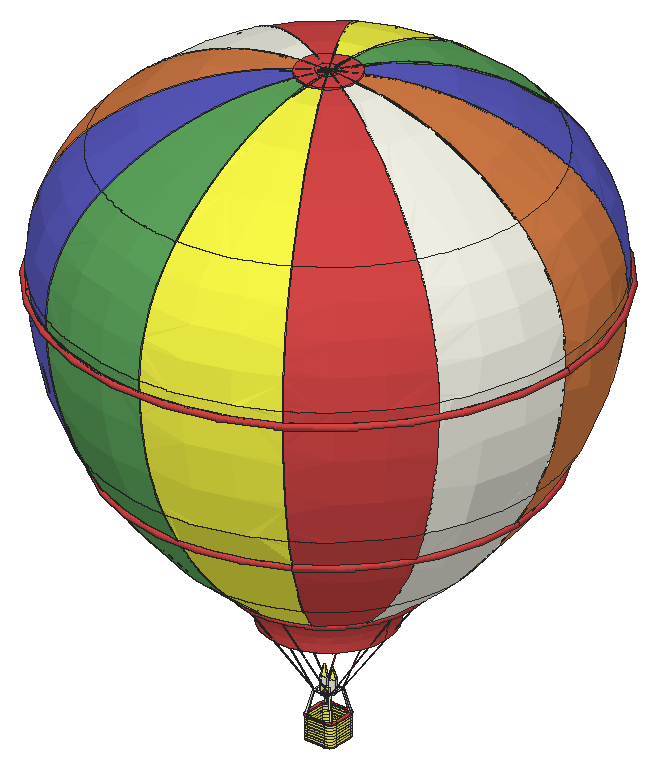
Revit family "Hot air balloon", category Generic Models, Revit 2018
Family settings
  Can host rebar = No
  Round Connector Dimension = Use Diameter
  Part Type = Normal
  Work Plane-Based = No
  Always vertical = Yes
  Cut with Voids When Loaded = No
  Shared = No
  Room Calculation Point = No
Reference planes
  plane 1 "Center (Front/Back)": y = 0
  plane 2: z = 0
  plane 3 "Center (Left/Right)": x = 0
Forms (mm)
  Revolve 1, solid, material "HAB red"
    sketch origin (0, 0, 0) x (1, 0, 0) y (0, 0, 1)
      loop
        line (4434.882, 8016.725) -> (4380.108, 8100.39)
        arc (4380.108, 8100.39) -> (3525.906, 7196.914) -> (3170.574, 6005.415) r 2683.691
        line (3170.574, 6005.415) -> (3270.737, 6005.415)
        arc (3270.737, 6005.415) -> (3613.912, 7149.343) -> (4434.882, 8016.725) r 2583.691
      axis (0, 6005.415) -> (0, 8100.39)
    angle from 0 to 360
  Revolve 2, solid, material "HAB red"
    sketch origin (0, 0, 0) x (1, 0, 0) y (0, 0, 1)
      loop
        line (0, 33911.864) -> (0, 33859.031) -> (1579.403, 33817.663) -> (1579.403, 33877.663)
        arc (1579.403, 33877.663) -> (1090, 33903.311) -> (600, 33911.864) r 14040.317
        line (600, 33911.864) -> (0, 33911.864)
      loop
        line (13405.772, 23458.523) -> (13405.772, 23138.523) -> (13545.772, 23138.523)
        arc (13545.772, 23138.523) -> (13705.772, 23298.523) -> (13545.772, 23458.523) r 160
        line (13545.772, 23458.523) -> (13405.772, 23458.523)
      loop
        line (10559.519, 14698.655) -> (10559.519, 14378.655) -> (10699.519, 14378.655)
        arc (10699.519, 14378.655) -> (10859.519, 14538.655) -> (10699.519, 14698.655) r 160
        line (10699.519, 14698.655) -> (10559.519, 14698.655)
      loop
        line (4525.061, 8354.48) -> (4525.061, 8034.48) -> (4665.061, 8034.48)
        arc (4665.061, 8034.48) -> (4825.061, 8194.48) -> (4665.061, 8354.48) r 160
        line (4665.061, 8354.48) -> (4525.061, 8354.48)
      axis (-2.633, 33911.864) -> (-2.633, 8034.48)
    angle from 0 to 360
  Extrusion 3, solid, material "HAB Yellow"
    sketch origin (0, 0, 0) x (1, 0, 0) y (0, 1, 0)
      loop
        line (-850.126, 492.924) -> (-850.126, -497.736)
        arc (-850.126, -497.736) -> (-746.604, -747.662) -> (-496.679, -851.184) r 353.448
        line (-496.679, -851.184) -> (493.981, -851.184)
        arc (493.981, -851.184) -> (743.907, -747.662) -> (847.429, -497.736) r 353.448
        line (847.429, -497.736) -> (847.429, 492.924)
        arc (847.429, 492.924) -> (743.907, 742.849) -> (493.981, 846.371) r 353.448
        line (493.981, 846.371) -> (-496.679, 846.371)
        arc (-496.679, 846.371) -> (-746.604, 742.849) -> (-850.126, 492.924) r 353.448
      loop
        line (-779.437, 492.924) -> (-779.437, -497.736)
        arc (-779.437, -497.736) -> (-696.619, -697.677) -> (-496.679, -780.495) r 282.758
        line (-496.679, -780.495) -> (493.981, -780.495)
        arc (493.981, -780.495) -> (693.922, -697.677) -> (776.74, -497.736) r 282.758
        line (776.74, -497.736) -> (776.74, 492.924)
        arc (776.74, 492.924) -> (693.922, 692.864) -> (493.981, 775.682) r 282.758
        line (493.981, 775.682) -> (-496.679, 775.682)
        arc (-496.679, 775.682) -> (-696.619, 692.864) -> (-779.437, 492.924) r 282.758
    from 0 to 100
  Extrusion 4, solid, material "HAB Yellow"
    sketch origin (0, 0, 120) x (1, 0, 0) y (0, 1, 0)
      loop
        line (-850.126, 492.924) -> (-850.126, -497.736)
        arc (-850.126, -497.736) -> (-746.604, -747.662) -> (-496.679, -851.184) r 353.448
        line (-496.679, -851.184) -> (493.981, -851.184)
        arc (493.981, -851.184) -> (743.907, -747.662) -> (847.429, -497.736) r 353.448
        line (847.429, -497.736) -> (847.429, 492.924)
        arc (847.429, 492.924) -> (743.907, 742.849) -> (493.981, 846.371) r 353.448
        line (493.981, 846.371) -> (-496.679, 846.371)
        arc (-496.679, 846.371) -> (-746.604, 742.849) -> (-850.126, 492.924) r 353.448
      loop
        line (-779.437, 492.924) -> (-779.437, -497.736)
        arc (-779.437, -497.736) -> (-696.619, -697.677) -> (-496.679, -780.495) r 282.758
        line (-496.679, -780.495) -> (493.981, -780.495)
        arc (493.981, -780.495) -> (693.922, -697.677) -> (776.74, -497.736) r 282.758
        line (776.74, -497.736) -> (776.74, 492.924)
        arc (776.74, 492.924) -> (693.922, 692.864) -> (493.981, 775.682) r 282.758
        line (493.981, 775.682) -> (-496.679, 775.682)
        arc (-496.679, 775.682) -> (-696.619, 692.864) -> (-779.437, 492.924) r 282.758
    from 0 to 100
  Extrusion 5, solid, material "HAB Yellow"
    sketch origin (0, 0, 260) x (1, 0, 0) y (0, 1, 0)
      loop
        line (-850.126, 492.924) -> (-850.126, -497.736)
        arc (-850.126, -497.736) -> (-746.604, -747.662) -> (-496.679, -851.184) r 353.448
        line (-496.679, -851.184) -> (493.981, -851.184)
        arc (493.981, -851.184) -> (743.907, -747.662) -> (847.429, -497.736) r 353.448
        line (847.429, -497.736) -> (847.429, 492.924)
        arc (847.429, 492.924) -> (743.907, 742.849) -> (493.981, 846.371) r 353.448
        line (493.981, 846.371) -> (-496.679, 846.371)
        arc (-496.679, 846.371) -> (-746.604, 742.849) -> (-850.126, 492.924) r 353.448
      loop
        line (-779.437, 492.924) -> (-779.437, -497.736)
        arc (-779.437, -497.736) -> (-696.619, -697.677) -> (-496.679, -780.495) r 282.758
        line (-496.679, -780.495) -> (493.981, -780.495)
        arc (493.981, -780.495) -> (693.922, -697.677) -> (776.74, -497.736) r 282.758
        line (776.74, -497.736) -> (776.74, 492.924)
        arc (776.74, 492.924) -> (693.922, 692.864) -> (493.981, 775.682) r 282.758
        line (493.981, 775.682) -> (-496.679, 775.682)
        arc (-496.679, 775.682) -> (-696.619, 692.864) -> (-779.437, 492.924) r 282.758
    from 0 to 100
  Extrusion 6, solid, material "HAB Yellow"
    sketch origin (0, 0, 400) x (1, 0, 0) y (0, 1, 0)
      loop
        line (-850.126, 492.924) -> (-850.126, -497.736)
        arc (-850.126, -497.736) -> (-746.604, -747.662) -> (-496.679, -851.184) r 353.448
        line (-496.679, -851.184) -> (493.981, -851.184)
        arc (493.981, -851.184) -> (743.907, -747.662) -> (847.429, -497.736) r 353.448
        line (847.429, -497.736) -> (847.429, 492.924)
        arc (847.429, 492.924) -> (743.907, 742.849) -> (493.981, 846.371) r 353.448
        line (493.981, 846.371) -> (-496.679, 846.371)
        arc (-496.679, 846.371) -> (-746.604, 742.849) -> (-850.126, 492.924) r 353.448
      loop
        line (-779.437, 492.924) -> (-779.437, -497.736)
        arc (-779.437, -497.736) -> (-696.619, -697.677) -> (-496.679, -780.495) r 282.758
        line (-496.679, -780.495) -> (493.981, -780.495)
        arc (493.981, -780.495) -> (693.922, -697.677) -> (776.74, -497.736) r 282.758
        line (776.74, -497.736) -> (776.74, 492.924)
        arc (776.74, 492.924) -> (693.922, 692.864) -> (493.981, 775.682) r 282.758
        line (493.981, 775.682) -> (-496.679, 775.682)
        arc (-496.679, 775.682) -> (-696.619, 692.864) -> (-779.437, 492.924) r 282.758
    from 0 to 100
  Extrusion 7, solid, material "HAB Yellow"
    sketch origin (0, 0, 540) x (1, 0, 0) y (0, 1, 0)
      loop
        line (-850.126, 492.924) -> (-850.126, -497.736)
        arc (-850.126, -497.736) -> (-746.604, -747.662) -> (-496.679, -851.184) r 353.448
        line (-496.679, -851.184) -> (493.981, -851.184)
        arc (493.981, -851.184) -> (743.907, -747.662) -> (847.429, -497.736) r 353.448
        line (847.429, -497.736) -> (847.429, 492.924)
        arc (847.429, 492.924) -> (743.907, 742.849) -> (493.981, 846.371) r 353.448
        line (493.981, 846.371) -> (-496.679, 846.371)
        arc (-496.679, 846.371) -> (-746.604, 742.849) -> (-850.126, 492.924) r 353.448
      loop
        line (-779.437, 492.924) -> (-779.437, -497.736)
        arc (-779.437, -497.736) -> (-696.619, -697.677) -> (-496.679, -780.495) r 282.758
        line (-496.679, -780.495) -> (493.981, -780.495)
        arc (493.981, -780.495) -> (693.922, -697.677) -> (776.74, -497.736) r 282.758
        line (776.74, -497.736) -> (776.74, 492.924)
        arc (776.74, 492.924) -> (693.922, 692.864) -> (493.981, 775.682) r 282.758
        line (493.981, 775.682) -> (-496.679, 775.682)
        arc (-496.679, 775.682) -> (-696.619, 692.864) -> (-779.437, 492.924) r 282.758
    from 0 to 100
  Extrusion 8, solid, material "HAB Yellow"
    sketch origin (0, 0, 680) x (1, 0, 0) y (0, 1, 0)
      loop
        line (-850.126, 492.924) -> (-850.126, -497.736)
        arc (-850.126, -497.736) -> (-746.604, -747.662) -> (-496.679, -851.184) r 353.448
        line (-496.679, -851.184) -> (493.981, -851.184)
        arc (493.981, -851.184) -> (743.907, -747.662) -> (847.429, -497.736) r 353.448
        line (847.429, -497.736) -> (847.429, 492.924)
        arc (847.429, 492.924) -> (743.907, 742.849) -> (493.981, 846.371) r 353.448
        line (493.981, 846.371) -> (-496.679, 846.371)
        arc (-496.679, 846.371) -> (-746.604, 742.849) -> (-850.126, 492.924) r 353.448
      loop
        line (-779.437, 492.924) -> (-779.437, -497.736)
        arc (-779.437, -497.736) -> (-696.619, -697.677) -> (-496.679, -780.495) r 282.758
        line (-496.679, -780.495) -> (493.981, -780.495)
        arc (493.981, -780.495) -> (693.922, -697.677) -> (776.74, -497.736) r 282.758
        line (776.74, -497.736) -> (776.74, 492.924)
        arc (776.74, 492.924) -> (693.922, 692.864) -> (493.981, 775.682) r 282.758
        line (493.981, 775.682) -> (-496.679, 775.682)
        arc (-496.679, 775.682) -> (-696.619, 692.864) -> (-779.437, 492.924) r 282.758
    from 0 to 100
  Extrusion 9, solid, material "HAB Yellow"
    sketch origin (0, 0, 820) x (1, 0, 0) y (0, 1, 0)
      loop
        line (-850.126, 492.924) -> (-850.126, -497.736)
        arc (-850.126, -497.736) -> (-746.604, -747.662) -> (-496.679, -851.184) r 353.448
        line (-496.679, -851.184) -> (493.981, -851.184)
        arc (493.981, -851.184) -> (743.907, -747.662) -> (847.429, -497.736) r 353.448
        line (847.429, -497.736) -> (847.429, 492.924)
        arc (847.429, 492.924) -> (743.907, 742.849) -> (493.981, 846.371) r 353.448
        line (493.981, 846.371) -> (-496.679, 846.371)
        arc (-496.679, 846.371) -> (-746.604, 742.849) -> (-850.126, 492.924) r 353.448
      loop
        line (-779.437, 492.924) -> (-779.437, -497.736)
        arc (-779.437, -497.736) -> (-696.619, -697.677) -> (-496.679, -780.495) r 282.758
        line (-496.679, -780.495) -> (493.981, -780.495)
        arc (493.981, -780.495) -> (693.922, -697.677) -> (776.74, -497.736) r 282.758
        line (776.74, -497.736) -> (776.74, 492.924)
        arc (776.74, 492.924) -> (693.922, 692.864) -> (493.981, 775.682) r 282.758
        line (493.981, 775.682) -> (-496.679, 775.682)
        arc (-496.679, 775.682) -> (-696.619, 692.864) -> (-779.437, 492.924) r 282.758
    from 0 to 100
  Extrusion 10, solid, material "HAB Yellow"
    sketch origin (0, 0, 960) x (1, 0, 0) y (0, 1, 0)
      loop
        line (-850.126, 492.924) -> (-850.126, -497.736)
        arc (-850.126, -497.736) -> (-746.604, -747.662) -> (-496.679, -851.184) r 353.448
        line (-496.679, -851.184) -> (493.981, -851.184)
        arc (493.981, -851.184) -> (743.907, -747.662) -> (847.429, -497.736) r 353.448
        line (847.429, -497.736) -> (847.429, 492.924)
        arc (847.429, 492.924) -> (743.907, 742.849) -> (493.981, 846.371) r 353.448
        line (493.981, 846.371) -> (-496.679, 846.371)
        arc (-496.679, 846.371) -> (-746.604, 742.849) -> (-850.126, 492.924) r 353.448
      loop
        line (-779.437, 492.924) -> (-779.437, -497.736)
        arc (-779.437, -497.736) -> (-696.619, -697.677) -> (-496.679, -780.495) r 282.758
        line (-496.679, -780.495) -> (493.981, -780.495)
        arc (493.981, -780.495) -> (693.922, -697.677) -> (776.74, -497.736) r 282.758
        line (776.74, -497.736) -> (776.74, 492.924)
        arc (776.74, 492.924) -> (693.922, 692.864) -> (493.981, 775.682) r 282.758
        line (493.981, 775.682) -> (-496.679, 775.682)
        arc (-496.679, 775.682) -> (-696.619, 692.864) -> (-779.437, 492.924) r 282.758
    from 0 to 100
  Sweep 11, solid, material "HAB red"
    path origin (0, 0, 0) x (1, 0, 0) y (0, 1, 0)
      loop
        arc (-779.437, -497.736) -> (-696.619, -697.677) -> (-496.679, -780.495) r 282.758
        line (-496.679, -780.495) -> (493.981, -780.495)
        arc (493.981, -780.495) -> (693.922, -697.677) -> (776.74, -497.736) r 282.758
        line (776.74, -497.736) -> (776.74, 492.924)
        arc (776.74, 492.924) -> (693.922, 692.864) -> (493.981, 775.682) r 282.758
        line (493.981, 775.682) -> (-496.679, 775.682)
        arc (-496.679, 775.682) -> (-696.619, 692.864) -> (-779.437, 492.924) r 282.758
        line (-779.437, 492.924) -> (-779.437, -497.736)
    profile origin (-779.437, -2.406, 0) x (-1, 0, 0) y (0, 0, 1)
      loop
        line (0, -25) -> (-114.486, -25) -> (-114.486, -71.236) -> (-56.236, -106.236) -> (-56.236, -71.236) -> (-16.236, -71.236) -> (-16.236, -111.236)
        arc (-16.236, -111.236) -> (44.742, -85.978) -> (70, -25) r 86.236
        line (70, -25) -> (0, -25)
  Sweep 12, solid, material "HAB red"
    path origin (0, 0, 0) x (1, 0, 0) y (0, 1, 0)
      loop
        arc (-779.437, -497.736) -> (-696.619, -697.677) -> (-496.679, -780.495) r 282.758
        line (-496.679, -780.495) -> (493.981, -780.495)
        arc (493.981, -780.495) -> (693.922, -697.677) -> (776.74, -497.736) r 282.758
        line (776.74, -497.736) -> (776.74, 492.924)
        arc (776.74, 492.924) -> (693.922, 692.864) -> (493.981, 775.682) r 282.758
        line (493.981, 775.682) -> (-496.679, 775.682)
        arc (-496.679, 775.682) -> (-696.619, 692.864) -> (-779.437, 492.924) r 282.758
        line (-779.437, 492.924) -> (-779.437, -497.736)
    profile origin (-779.437, -2.406, 0) x (-1, 0, 0) y (0, 0, 1)
      loop
        circle (35.345, 1125.831) r 60
  Extrusion 13, solid, material "HAB red"
    sketch origin (0, 0, 0) x (1, 0, 0) y (0, 1, 0)
      loop
        arc (-779.437, -497.736) -> (-696.619, -697.677) -> (-496.679, -780.495) r 282.758
        line (-496.679, -780.495) -> (493.981, -780.495)
        arc (493.981, -780.495) -> (693.922, -697.677) -> (776.74, -497.736) r 282.758
        line (776.74, -497.736) -> (776.74, 492.924)
        arc (776.74, 492.924) -> (693.922, 692.864) -> (493.981, 775.682) r 282.758
        line (493.981, 775.682) -> (-496.679, 775.682)
        arc (-496.679, 775.682) -> (-696.619, 692.864) -> (-779.437, 492.924) r 282.758
        line (-779.437, 492.924) -> (-779.437, -497.736)
    from 0 to 100
  Sweep 14, solid, material "HAB Aluminum"
    path origin (0, 0, 0) x (1, 0, 0) y (0, 1, 0)
      loop
        arc (-411.334, 457.579) -> (-446.689, 442.934) -> (-461.334, 407.579) r 50
        line (-461.334, 407.579) -> (-461.334, -417.65)
        arc (-461.334, -417.65) -> (-448.229, -449.287) -> (-416.592, -462.392) r 44.742
        line (-416.592, -462.392) -> (409.458, -462.392)
        arc (409.458, -462.392) -> (444.232, -447.987) -> (458.637, -413.213) r 49.179
        line (458.637, -413.213) -> (458.637, 407.612)
        arc (458.637, 407.612) -> (444.002, 442.944) -> (408.67, 457.579) r 49.967
        line (408.67, 457.579) -> (-411.334, 457.579)
    profile origin (-1.332, 457.579, 0) x (0, 1, 0) y (0, 0, 1)
      loop
        circle (0, 2362.898) r 35
  Blend 15, solid, material "HAB Aluminum"
    base sketch origin (0, 0, 0) x (1, 0, 0) y (0, 1, 0)
      loop
        circle (-705.734, 701.979) r 50
    top sketch origin (0, 0, 0) x (1, 0, 0) y (0, 1, 0)
      loop
        circle (-461.334, 457.579) r 45
    from 1125.831 to 2362.898
  Blend 16, solid, material "HAB Aluminum"
    base sketch origin (-7.927, -4.855, 0) x (-1, 0, 0) y (0, -1, 0)
      loop
        circle (-705.734, -701.979) r 50
    top sketch origin (-7.927, -4.855, 0) x (-1, 0, 0) y (0, -1, 0)
      loop
        circle (-461.334, -457.579) r 45
    from 1125.831 to 2362.898
  Blend 17, solid, material "HAB Aluminum"
    base sketch origin (0, 0, 0) x (1, 0, 0) y (0, 1, 0)
      loop
        circle (-705.734, -701.979) r 50
    top sketch origin (0, 0, 0) x (1, 0, 0) y (0, 1, 0)
      loop
        circle (-461.334, -457.579) r 45
    from 1125.831 to 2362.898
  Blend 18, solid, material "HAB Aluminum"
    base sketch origin (-7.927, 4.855, 0) x (-1, 0, 0) y (0, -1, 0)
      loop
        circle (-705.734, 701.979) r 50
    top sketch origin (-7.927, 4.855, 0) x (-1, 0, 0) y (0, -1, 0)
      loop
        circle (-461.334, 457.579) r 45
    from 1125.831 to 2362.898
  Extrusion 19, solid, material "HAB Aluminum"
    sketch origin (0, 0, 0) x (1, 0, 0) y (0, 1, 0)
      loop
        circle (-235.594, -6.935) r 170.666
      loop
        circle (-235.594, -6.935) r 140
    from 2245.962 to 3006.645
  Extrusion 20, solid, material "HAB Aluminum"
    sketch origin (480, 0, 0) x (1, 0, 0) y (0, 1, 0)
      loop
        circle (-235.594, -6.935) r 170.666
      loop
        circle (-235.594, -6.935) r 140
    from 2245.962 to 3006.645
  Revolve 21, solid, material "HAB Yellow"
    sketch origin (0, 0, 0) x (1, 0, 0) y (0, 0, 1)
      loop
        line (-406.26, 3006.645) -> (-380.533, 3006.645) -> (-235.594, 3547.564) -> (-261.322, 3547.564) -> (-406.26, 3006.645)
      axis (-235.594, 3547.564) -> (-235.594, 3006.645)
    angle from 0 to 360
  Revolve 22, solid, material "HAB Yellow"
    sketch origin (480, 0, 0) x (1, 0, 0) y (0, 0, 1)
      loop
        line (-406.26, 3006.645) -> (-380.533, 3006.645) -> (-235.594, 3547.564) -> (-261.322, 3547.564) -> (-406.26, 3006.645)
      axis (-235.594, 3547.564) -> (-235.594, 3006.645)
    angle from 0 to 360
  Extrusion 23, solid, material "HAB Aluminum"
    sketch origin (0, 0, 0) x (1, 0, 0) y (0, 0, 1)
      loop
        circle (0, 2360.857) r 35
    from -457.579 to 462.392
  Blend 24, solid, material "HAB red"
    base sketch origin (0, 0, 0) x (1, 0, 0) y (0, 1, 0)
      loop
        circle (-461.334, 457.579) r 5
    top sketch origin (0, 0, 0) x (1, 0, 0) y (0, 1, 0)
      loop
        circle (-4539.615, 947.578) r 20
    from 2386.024 to 8088.677
  Blend 25, solid, material "HAB red"
    base sketch origin (-17.097, 0, 0) x (-1, 0, 0) y (0, -1, 0)
      loop
        circle (-461.334, -457.579) r 5
    top sketch origin (-17.097, 0, 0) x (-1, 0, 0) y (0, -1, 0)
      loop
        circle (-4539.615, -947.578) r 20
    from 2386.024 to 8088.677
  Blend 26, solid, material "HAB red"
    base sketch origin (0, 0, 0) x (1, 0, 0) y (0, 1, 0)
      loop
        circle (-461.334, -457.579) r 5
    top sketch origin (0, 0, 0) x (1, 0, 0) y (0, 1, 0)
      loop
        circle (-4539.615, -947.578) r 20
    from 2386.024 to 8088.677
  Blend 27, solid, material "HAB red"
    base sketch origin (-17.097, 0, 0) x (-1, 0, 0) y (0, -1, 0)
      loop
        circle (-461.334, 457.579) r 5
    top sketch origin (-17.097, 0, 0) x (-1, 0, 0) y (0, -1, 0)
      loop
        circle (-4539.615, 947.578) r 20
    from 2386.024 to 8088.677
  Blend 28, solid, material "HAB red"
    base sketch origin (-8.512, 8.548, 0) x (0.004286, 0.999991, 0) y (-0.999991, 0.004286, 0)
      loop
        circle (-461.334, 457.579) r 5
    top sketch origin (-8.512, 8.548, 0) x (0.004286, 0.999991, 0) y (-0.999991, 0.004286, 0)
      loop
        circle (-4539.615, 947.578) r 20
    from 2386.024 to 8088.677
  Blend 29, solid, material "HAB red"
    base sketch origin (-8.585, -8.548, 0) x (-0.004286, -0.999991, 0) y (0.999991, -0.004286, 0)
      loop
        circle (-461.334, -457.579) r 5
    top sketch origin (-8.585, -8.548, 0) x (-0.004286, -0.999991, 0) y (0.999991, -0.004286, 0)
      loop
        circle (-4539.615, -947.578) r 20
    from 2386.024 to 8088.677
  Blend 30, solid, material "HAB red"
    base sketch origin (-8.512, 8.548, 0) x (0.004286, 0.999991, 0) y (-0.999991, 0.004286, 0)
      loop
        circle (-461.334, -457.579) r 5
    top sketch origin (-8.512, 8.548, 0) x (0.004286, 0.999991, 0) y (-0.999991, 0.004286, 0)
      loop
        circle (-4539.615, -947.578) r 20
    from 2386.024 to 8088.677
  Blend 31, solid, material "HAB red"
    base sketch origin (-8.585, -8.548, 0) x (-0.004286, -0.999991, 0) y (0.999991, -0.004286, 0)
      loop
        circle (-461.334, 457.579) r 5
    top sketch origin (-8.585, -8.548, 0) x (-0.004286, -0.999991, 0) y (0.999991, -0.004286, 0)
      loop
        circle (-4539.615, 947.578) r 20
    from 2386.024 to 8088.677
  Extrusion 32, solid, material "HAB red"
    sketch origin (0, 0, 0) x (1, 0, 0) y (0, 1, 0)
      loop
        circle (-135.983, 39.513) r 10
    from 1994.916 to 2116.538
  Extrusion 33, solid, material "HAB Yellow"
    sketch origin (0, 0, 0) x (1, 0, 0) y (0, 1, 0)
      loop
        line (-235.594, 248.816) -> (-235.594, 183.816)
        arc (-235.594, 183.816) -> (-50.594, -1.184) -> (-235.594, -186.184) r 185
        line (-235.594, -186.184) -> (-235.594, -252.684) -> (244.406, -252.684) -> (244.406, -186.184)
        arc (244.406, -186.184) -> (59.406, -1.184) -> (244.406, 183.816) r 185
        line (244.406, 183.816) -> (244.406, 248.816) -> (-235.594, 248.816)
    from 2116.538 to 2597.36
  Blend 34, solid, material "HAB red"
    base sketch origin (0, 0, 0) x (1, 0, 0) y (0, 1, 0)
      loop
        circle (-196.095, 39.737) r 9.775
    top sketch origin (0, 0, 0) x (1, 0, 0) y (0, 1, 0)
      loop
        circle (-136.095, 39.737) r 9.775
    from 1900.504 to 1994.916
  Blend 35, solid, material "HAB red"
    base sketch origin (-272.303, 79.25, 0) x (-1, 0, 0) y (0, -1, 0)
      loop
        circle (-196.095, 39.737) r 9.775
    top sketch origin (-272.303, 79.25, 0) x (-1, 0, 0) y (0, -1, 0)
      loop
        circle (-136.095, 39.737) r 9.775
    from 1900.504 to 1994.916
  Extrusion 36, solid, material "HAB Yellow"
    sketch origin (0, 0, 0) x (0, 1, 0) y (0, 0, 1)
      loop
        circle (39.586, 1889.196) r 15
    from -216.461 to -59.433
  Extrusion 37, solid, material "HAB Blue"
    sketch origin (0, 0, 0) x (1, 0, 0) y (0, 0, 1)
      loop
        circle (-0.264, 2361.211) r 40
      loop
        circle (-0.264, 2361.211) r 55
    from 252.684 to 295.583
  Extrusion 38, solid, material "HAB Blue"
    sketch origin (0, 545, 0) x (1, 0, 0) y (0, 0, 1)
      loop
        circle (-0.264, 2361.211) r 40
      loop
        circle (-0.264, 2361.211) r 55
    from 252.684 to 295.583
Nested families
  nested 1: "H1" at (0, -7.508, -1.045), type "H1"
  nested 2: "H1" at (-2.779, 0, 0) x (-1, 0, 0) z (0, 0, 1), type "H1"
  nested 3: "HYellow" at (1.038, 5.005, 0), type "HYellow"
  nested 4: "HAB Green" at (1.415, 4.152, 0), type "HAB Green"
  nested 5: "HAB Blue" at (-4.977, -6.935, 0), type "HAB Blue"
  nested 6: "HAB Orange" at (-18.589, -14.804, 0), type "HAB Orange"
  nested 7: "HAB White" at (-8.548, 15.98, 0), type "HAB White"
Definition of nested family "H1"
  Reference planes
    plane 1 "Center (Front/Back)": y = 0
    plane 2: z = 0
    plane 3 "Center (Left/Right)": x = 0
    plane 4: through (-8251.322, 14298.256, 1200) normal (0.8661, 0.4999, 0)
    plane 5: through (-13919.791, 8044.665, 1200) normal (0.5001, 0.866, 0)
    plane 6: through (-16073.844, 9.384, 1200) normal (0.0001, 1, 0)
    plane 7: through (-0.852, 16507.931, 1200) normal (1, -0.0001, 0)
  Forms (mm)
    Revolve 1, solid
      sketch origin (-42474.205, 0, 183.633) x (1, 0, 0) y (0, 0, 1)
        loop
          line (42433.696, 33692.022) -> (42433.696, 33591.944)
          arc (42433.696, 33591.944) -> (48186.012, 32695.28) -> (53168.907, 29684.646) r 15066.04
          arc (53168.907, 29684.646) -> (55090.223, 27026.537) -> (55779.972, 23820.098) r 7979.27
          arc (55779.972, 23820.098) -> (55347.6, 19940.909) -> (54035.689, 16264.777) r 16877.666
          arc (54035.689, 16264.777) -> (52124.157, 13101.003) -> (49705.925, 10305.368) r 21815.554
          arc (49705.925, 10305.368) -> (48292.398, 9041.981) -> (46774.521, 7906.088) r 21815.554
          line (46774.521, 7906.088) -> (46846.473, 7834.137)
          arc (46846.473, 7834.137) -> (48363.032, 8970.571) -> (49775.742, 10233.775) r 21915.554
          arc (49775.742, 10233.775) -> (52205.058, 13042.225) -> (54125.353, 16220.501) r 21915.554
          arc (54125.353, 16220.501) -> (55445.037, 19918.414) -> (55879.971, 23820.587) r 16977.666
          arc (55879.971, 23820.587) -> (55181.578, 27067.211) -> (53236.183, 29758.633) r 8079.27
          arc (53236.183, 29758.633) -> (48222.085, 32788.568) -> (42433.696, 33692.022) r 15166.04
        axis (42433.696, 33692.022) -> (42433.696, 7834.137)
      angle from 0 to 360
    Extrusion 2, void
      sketch origin (-73600, 240, 0) x (1, 0, 0) y (0, 1, 0)
        loop
          line (73598.994, -17683.369) -> (93398.994, -17683.369) -> (93398.994, 14716.631) -> (64968.668, 14716.631) -> (73598.994, -235.561) -> (59743.521, 7766.056) -> (58418.148, -11187.661) -> (73598.994, -17683.369)
      from 0 to 36000
  Cuts and joins
    Extrusion 2 cuts Revolve 1
Definition of nested family "HYellow"
  Reference planes
    plane 1 "Center (Front/Back)": y = 0
    plane 2: z = 0
    plane 3 "Center (Left/Right)": x = 0
  Nested families
    nested 1: "H1" at (-2.386, -10.956, -1.045) x (0.866, -0.5, 0) z (0, 0, 1), type "H1"
    nested 2: "H1" at (-1.038, -3.064, 0) x (-0.866, 0.5, 0) z (0, 0, 1), type "H1"
  Definition of nested family "H1"
    Reference planes
      plane 1 "Center (Front/Back)": y = 0
      plane 2: z = 0
      plane 3 "Center (Left/Right)": x = 0
      plane 4: through (-8251.322, 14298.256, 1200) normal (0.8661, 0.4999, 0)
      plane 5: through (-13919.791, 8044.665, 1200) normal (0.5001, 0.866, 0)
      plane 6: through (-16073.844, 9.384, 1200) normal (0.0001, 1, 0)
      plane 7: through (-0.852, 16507.931, 1200) normal (1, -0.0001, 0)
    Forms (mm)
      Revolve 1, solid
        sketch origin (-42474.205, 0, 183.633) x (1, 0, 0) y (0, 0, 1)
          loop
            line (42433.696, 33692.022) -> (42433.696, 33591.944)
            arc (42433.696, 33591.944) -> (48186.012, 32695.28) -> (53168.907, 29684.646) r 15066.04
            arc (53168.907, 29684.646) -> (55090.223, 27026.537) -> (55779.972, 23820.098) r 7979.27
            arc (55779.972, 23820.098) -> (55347.6, 19940.909) -> (54035.689, 16264.777) r 16877.666
            arc (54035.689, 16264.777) -> (52124.157, 13101.003) -> (49705.925, 10305.368) r 21815.554
            arc (49705.925, 10305.368) -> (48292.398, 9041.981) -> (46774.521, 7906.088) r 21815.554
            line (46774.521, 7906.088) -> (46846.473, 7834.137)
            arc (46846.473, 7834.137) -> (48363.032, 8970.571) -> (49775.742, 10233.775) r 21915.554
            arc (49775.742, 10233.775) -> (52205.058, 13042.225) -> (54125.353, 16220.501) r 21915.554
            arc (54125.353, 16220.501) -> (55445.037, 19918.414) -> (55879.971, 23820.587) r 16977.666
            arc (55879.971, 23820.587) -> (55181.578, 27067.211) -> (53236.183, 29758.633) r 8079.27
            arc (53236.183, 29758.633) -> (48222.085, 32788.568) -> (42433.696, 33692.022) r 15166.04
          axis (42433.696, 33692.022) -> (42433.696, 7834.137)
        angle from 0 to 360
      Extrusion 2, void
        sketch origin (-73600, 240, 0) x (1, 0, 0) y (0, 1, 0)
          loop
            line (73598.994, -17683.369) -> (93398.994, -17683.369) -> (93398.994, 14716.631) -> (64968.668, 14716.631) -> (73598.994, -235.561) -> (59743.521, 7766.056) -> (58418.148, -11187.661) -> (73598.994, -17683.369)
        from 0 to 36000
    Cuts and joins
      Extrusion 2 cuts Revolve 1
Definition of nested family "HAB Green"
  Reference planes
    plane 1 "Center (Front/Back)": y = 0
    plane 2: z = 0
    plane 3 "Center (Left/Right)": x = 0
  Nested families
    nested 1: "H1" at (-4.266, -10.092, -1.045) x (0.5008, -0.8656, 0) z (0, 0, 1), type "H1"
    nested 2: "H1" at (0.842, -3.927, 0) x (-0.5008, 0.8656, 0) z (0, 0, 1), type "H1"
  Definition of nested family "H1"
    Reference planes
      plane 1 "Center (Front/Back)": y = 0
      plane 2: z = 0
      plane 3 "Center (Left/Right)": x = 0
      plane 4: through (-8251.322, 14298.256, 1200) normal (0.8661, 0.4999, 0)
      plane 5: through (-13919.791, 8044.665, 1200) normal (0.5001, 0.866, 0)
      plane 6: through (-16073.844, 9.384, 1200) normal (0.0001, 1, 0)
      plane 7: through (-0.852, 16507.931, 1200) normal (1, -0.0001, 0)
    Forms (mm)
      Revolve 1, solid
        sketch origin (-42474.205, 0, 183.633) x (1, 0, 0) y (0, 0, 1)
          loop
            line (42433.696, 33692.022) -> (42433.696, 33591.944)
            arc (42433.696, 33591.944) -> (48186.012, 32695.28) -> (53168.907, 29684.646) r 15066.04
            arc (53168.907, 29684.646) -> (55090.223, 27026.537) -> (55779.972, 23820.098) r 7979.27
            arc (55779.972, 23820.098) -> (55347.6, 19940.909) -> (54035.689, 16264.777) r 16877.666
            arc (54035.689, 16264.777) -> (52124.157, 13101.003) -> (49705.925, 10305.368) r 21815.554
            arc (49705.925, 10305.368) -> (48292.398, 9041.981) -> (46774.521, 7906.088) r 21815.554
            line (46774.521, 7906.088) -> (46846.473, 7834.137)
            arc (46846.473, 7834.137) -> (48363.032, 8970.571) -> (49775.742, 10233.775) r 21915.554
            arc (49775.742, 10233.775) -> (52205.058, 13042.225) -> (54125.353, 16220.501) r 21915.554
            arc (54125.353, 16220.501) -> (55445.037, 19918.414) -> (55879.971, 23820.587) r 16977.666
            arc (55879.971, 23820.587) -> (55181.578, 27067.211) -> (53236.183, 29758.633) r 8079.27
            arc (53236.183, 29758.633) -> (48222.085, 32788.568) -> (42433.696, 33692.022) r 15166.04
          axis (42433.696, 33692.022) -> (42433.696, 7834.137)
        angle from 0 to 360
      Extrusion 2, void
        sketch origin (-73600, 240, 0) x (1, 0, 0) y (0, 1, 0)
          loop
            line (73598.994, -17683.369) -> (93398.994, -17683.369) -> (93398.994, 14716.631) -> (64968.668, 14716.631) -> (73598.994, -235.561) -> (59743.521, 7766.056) -> (58418.148, -11187.661) -> (73598.994, -17683.369)
        from 0 to 36000
    Cuts and joins
      Extrusion 2 cuts Revolve 1
Definition of nested family "HAB Blue"
  Reference planes
    plane 1 "Center (Front/Back)": y = 0
    plane 2: z = 0
    plane 3 "Center (Left/Right)": x = 0
  Nested families
    nested 1: "H1" at (-5.034, -3.889, -1.045) x (0.0007, -1, 0) z (0, 0, 1), type "H1"
    nested 2: "H1" at (2.472, -1.104, 0) x (-0.0007, 1, 0) z (0, 0, 1), type "H1"
  Definition of nested family "H1"
    Reference planes
      plane 1 "Center (Front/Back)": y = 0
      plane 2: z = 0
      plane 3 "Center (Left/Right)": x = 0
      plane 4: through (-8251.322, 14298.256, 1200) normal (0.8661, 0.4999, 0)
      plane 5: through (-13919.791, 8044.665, 1200) normal (0.5001, 0.866, 0)
      plane 6: through (-16073.844, 9.384, 1200) normal (0.0001, 1, 0)
      plane 7: through (-0.852, 16507.931, 1200) normal (1, -0.0001, 0)
    Forms (mm)
      Revolve 1, solid
        sketch origin (-42474.205, 0, 183.633) x (1, 0, 0) y (0, 0, 1)
          loop
            line (42433.696, 33692.022) -> (42433.696, 33591.944)
            arc (42433.696, 33591.944) -> (48186.012, 32695.28) -> (53168.907, 29684.646) r 15066.04
            arc (53168.907, 29684.646) -> (55090.223, 27026.537) -> (55779.972, 23820.098) r 7979.27
            arc (55779.972, 23820.098) -> (55347.6, 19940.909) -> (54035.689, 16264.777) r 16877.666
            arc (54035.689, 16264.777) -> (52124.157, 13101.003) -> (49705.925, 10305.368) r 21815.554
            arc (49705.925, 10305.368) -> (48292.398, 9041.981) -> (46774.521, 7906.088) r 21815.554
            line (46774.521, 7906.088) -> (46846.473, 7834.137)
            arc (46846.473, 7834.137) -> (48363.032, 8970.571) -> (49775.742, 10233.775) r 21915.554
            arc (49775.742, 10233.775) -> (52205.058, 13042.225) -> (54125.353, 16220.501) r 21915.554
            arc (54125.353, 16220.501) -> (55445.037, 19918.414) -> (55879.971, 23820.587) r 16977.666
            arc (55879.971, 23820.587) -> (55181.578, 27067.211) -> (53236.183, 29758.633) r 8079.27
            arc (53236.183, 29758.633) -> (48222.085, 32788.568) -> (42433.696, 33692.022) r 15166.04
          axis (42433.696, 33692.022) -> (42433.696, 7834.137)
        angle from 0 to 360
      Extrusion 2, void
        sketch origin (-73600, 240, 0) x (1, 0, 0) y (0, 1, 0)
          loop
            line (73598.994, -17683.369) -> (93398.994, -17683.369) -> (93398.994, 14716.631) -> (64968.668, 14716.631) -> (73598.994, -235.561) -> (59743.521, 7766.056) -> (58418.148, -11187.661) -> (73598.994, -17683.369)
        from 0 to 36000
    Cuts and joins
      Extrusion 2 cuts Revolve 1
Definition of nested family "HAB Orange"
  Reference planes
    plane 1 "Center (Front/Back)": y = 0
    plane 2: z = 0
    plane 3 "Center (Left/Right)": x = 0
  Nested families
    nested 1: "H1" at (-5.228, -1.826, -1.045) x (-0.4993, -0.8664, 0) z (0, 0, 1), type "H1"
    nested 2: "H1" at (2.665, -3.167, 0) x (0.4993, 0.8664, 0) z (0, 0, 1), type "H1"
  Definition of nested family "H1"
    Reference planes
      plane 1 "Center (Front/Back)": y = 0
      plane 2: z = 0
      plane 3 "Center (Left/Right)": x = 0
      plane 4: through (-8251.322, 14298.256, 1200) normal (0.8661, 0.4999, 0)
      plane 5: through (-13919.791, 8044.665, 1200) normal (0.5001, 0.866, 0)
      plane 6: through (-16073.844, 9.384, 1200) normal (0.0001, 1, 0)
      plane 7: through (-0.852, 16507.931, 1200) normal (1, -0.0001, 0)
    Forms (mm)
      Revolve 1, solid
        sketch origin (-42474.205, 0, 183.633) x (1, 0, 0) y (0, 0, 1)
          loop
            line (42433.696, 33692.022) -> (42433.696, 33591.944)
            arc (42433.696, 33591.944) -> (48186.012, 32695.28) -> (53168.907, 29684.646) r 15066.04
            arc (53168.907, 29684.646) -> (55090.223, 27026.537) -> (55779.972, 23820.098) r 7979.27
            arc (55779.972, 23820.098) -> (55347.6, 19940.909) -> (54035.689, 16264.777) r 16877.666
            arc (54035.689, 16264.777) -> (52124.157, 13101.003) -> (49705.925, 10305.368) r 21815.554
            arc (49705.925, 10305.368) -> (48292.398, 9041.981) -> (46774.521, 7906.088) r 21815.554
            line (46774.521, 7906.088) -> (46846.473, 7834.137)
            arc (46846.473, 7834.137) -> (48363.032, 8970.571) -> (49775.742, 10233.775) r 21915.554
            arc (49775.742, 10233.775) -> (52205.058, 13042.225) -> (54125.353, 16220.501) r 21915.554
            arc (54125.353, 16220.501) -> (55445.037, 19918.414) -> (55879.971, 23820.587) r 16977.666
            arc (55879.971, 23820.587) -> (55181.578, 27067.211) -> (53236.183, 29758.633) r 8079.27
            arc (53236.183, 29758.633) -> (48222.085, 32788.568) -> (42433.696, 33692.022) r 15166.04
          axis (42433.696, 33692.022) -> (42433.696, 7834.137)
        angle from 0 to 360
      Extrusion 2, void
        sketch origin (-73600, 240, 0) x (1, 0, 0) y (0, 1, 0)
          loop
            line (73598.994, -17683.369) -> (93398.994, -17683.369) -> (93398.994, 14716.631) -> (64968.668, 14716.631) -> (73598.994, -235.561) -> (59743.521, 7766.056) -> (58418.148, -11187.661) -> (73598.994, -17683.369)
        from 0 to 36000
    Cuts and joins
      Extrusion 2 cuts Revolve 1
Definition of nested family "HAB White"
  Reference planes
    plane 1 "Center (Front/Back)": y = 0
    plane 2: z = 0
    plane 3 "Center (Left/Right)": x = 0
  Nested families
    nested 1: "H1" at (-4.364, 0.058, -1.045) x (-0.8656, -0.5007, 0) z (0, 0, 1), type "H1"
    nested 2: "H1" at (1.801, -5.05, 0) x (0.8656, 0.5007, 0) z (0, 0, 1), type "H1"
  Definition of nested family "H1"
    Reference planes
      plane 1 "Center (Front/Back)": y = 0
      plane 2: z = 0
      plane 3 "Center (Left/Right)": x = 0
      plane 4: through (-8251.322, 14298.256, 1200) normal (0.8661, 0.4999, 0)
      plane 5: through (-13919.791, 8044.665, 1200) normal (0.5001, 0.866, 0)
      plane 6: through (-16073.844, 9.384, 1200) normal (0.0001, 1, 0)
      plane 7: through (-0.852, 16507.931, 1200) normal (1, -0.0001, 0)
    Forms (mm)
      Revolve 1, solid
        sketch origin (-42474.205, 0, 183.633) x (1, 0, 0) y (0, 0, 1)
          loop
            line (42433.696, 33692.022) -> (42433.696, 33591.944)
            arc (42433.696, 33591.944) -> (48186.012, 32695.28) -> (53168.907, 29684.646) r 15066.04
            arc (53168.907, 29684.646) -> (55090.223, 27026.537) -> (55779.972, 23820.098) r 7979.27
            arc (55779.972, 23820.098) -> (55347.6, 19940.909) -> (54035.689, 16264.777) r 16877.666
            arc (54035.689, 16264.777) -> (52124.157, 13101.003) -> (49705.925, 10305.368) r 21815.554
            arc (49705.925, 10305.368) -> (48292.398, 9041.981) -> (46774.521, 7906.088) r 21815.554
            line (46774.521, 7906.088) -> (46846.473, 7834.137)
            arc (46846.473, 7834.137) -> (48363.032, 8970.571) -> (49775.742, 10233.775) r 21915.554
            arc (49775.742, 10233.775) -> (52205.058, 13042.225) -> (54125.353, 16220.501) r 21915.554
            arc (54125.353, 16220.501) -> (55445.037, 19918.414) -> (55879.971, 23820.587) r 16977.666
            arc (55879.971, 23820.587) -> (55181.578, 27067.211) -> (53236.183, 29758.633) r 8079.27
            arc (53236.183, 29758.633) -> (48222.085, 32788.568) -> (42433.696, 33692.022) r 15166.04
          axis (42433.696, 33692.022) -> (42433.696, 7834.137)
        angle from 0 to 360
      Extrusion 2, void
        sketch origin (-73600, 240, 0) x (1, 0, 0) y (0, 1, 0)
          loop
            line (73598.994, -17683.369) -> (93398.994, -17683.369) -> (93398.994, 14716.631) -> (64968.668, 14716.631) -> (73598.994, -235.561) -> (59743.521, 7766.056) -> (58418.148, -11187.661) -> (73598.994, -17683.369)
        from 0 to 36000
    Cuts and joins
      Extrusion 2 cuts Revolve 1
